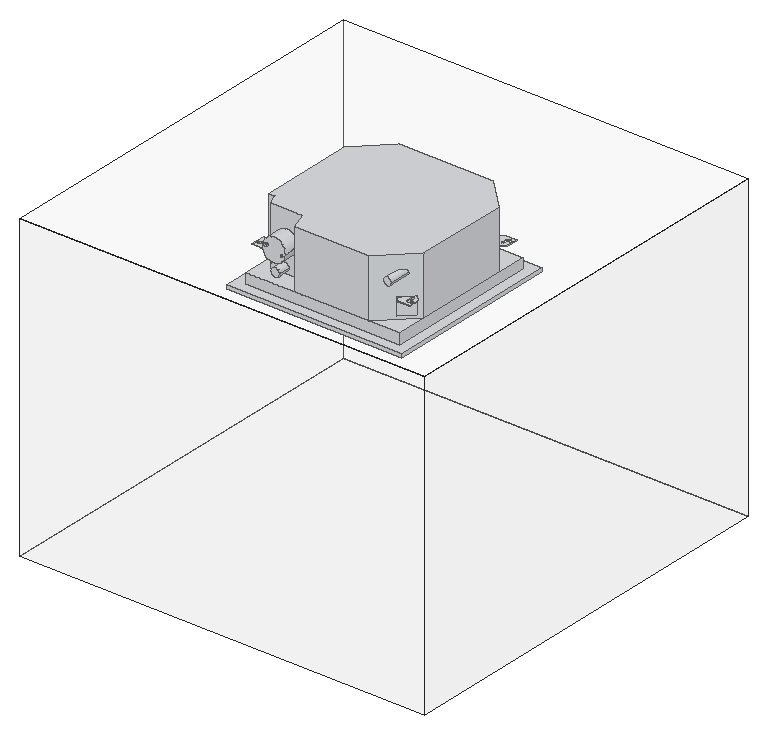
Revit family "pl-rp40_80ga3_50Hz", category 機械設備, Revit 2019
Family settings
  丸型コネクタ寸法 = 直径を使用
  パーツ タイプ = 標準
  OmniClass 番号 = 23.75.10.24.21.27.27
  OmniClass タイトル = Split System Air Conditioning Units
  作業面ベース = いいえ
  常に垂直 = はい
  ロード時にボイドで切り取り = いいえ
  共有 = いいえ
  部屋計算ポイント = はい
Parameters (values of type "天井4方向_PL-RP45GA3")
  風量（静）（m3／min） = 8.5
  風量（強）（m3／min） = 12
  風量（弱）（m3／min） = 9
  風量（中）（m3／min） = 9.5
  風量 = MAX風量  # 720.0 m³/h
  音響パワーレベル（弱）(dB) = 48
  音響パワーレベル（中2）(dB) = 49
  音響パワーレベル（中1）(dB) = 51
  音響パワーレベル(dB) = 53
  電源種別 = ""
  電源_H = 0 mm
  電圧_電気ヒーター = 0 V
  電圧 = 200 V
  電動機出力_送風機 = 0.05 kW
  運転質量 = 0.00 kg
  連動 = ""
  質量 = if(製品質量 > 運転質量, 製品質量, 運転質量) * 1.2  # 24.72 kg
  負荷分類 = 3_ファン類
  構成品番 = "PL-RP45GA"
  ドレン管径 (外径) = 32 mm
  ドレン管径 = 25 mm
  サービススペース = yes
  URL = "https://www.mitsubishielectric.co.jp/ldg/wink/ssl/displayProduct.do?pid=311448"
  説明 = "店舗・事務所用パッケージエアコン(Mr.SLIM) [本体]4方向天井カセット形<コンパクトタイプ>"
  設計暖房能力 = 0.00 kW
  設計冷房能力_顕熱 = 0 kW
  設計冷房能力 = 0 kW
  設置方法 = "カセット形"
  記号 = ""
  製造元 = "三菱電機株式会社"
  製品質量 = 20.60 kg
  製品出荷対象 = "国内"
  製品リリース年月 = "2021/5/10"
  製品グループ = ""
  系統 = ""
  符号 = "PAC-CK4"
  積算_科目 = "1 空気調和設備"
  積算_拾い区分 [instance] = ""
  相 = 1
  盤記号 = ""
  発停方法 = "付属スイッチ"
  特殊仕様 = ""
  火災停止 = ""
  消費電力_電気ヒーター = 0.00 kW
  消費電力_暖房 = 0.03 kW
  消費電力_加湿器 = 0.00 kW
  消費電力_冷房 = 0.03 kW
  消費電力 = if(消費電力_冷房 > 消費電力_暖房, 消費電力_冷房, 消費電力_暖房) + 消費電力_加湿器 + 消費電力_電気ヒーター  # 0.03 kW
  法定耐用年数 = "6"
  極数 = 1
  材質 = ""
  本体マテリアル = none
  有効加湿量 = 0
  暖房能力 = 4.50 kW
  推奨ブレーカー容量 = 0 A
  形式_加湿器 = ""
  形式 = "カセット形（4方向吹出形）"
  幹線記号 = ""
  始動方式 = "直入"
  呼称 = "パッケージ形空気調和機_室内機"
  周波数 = 50 Hz
  吊り位置Y = 507 mm
  吊り位置X = 640 mm
  吊りボルト_H = 134 mm
  台数_手元リモコン = ""
  台数_冷媒分岐ユニット = ""
  参照している仕様書等のバージョン = "公共建築工事標準仕様書（機械設備工事編）平成31年度版"
  加湿給水管径 = 0 mm
  分類コード = "50053003123030"
  分類グループ = ""
  冷房能力 = 4 kW
  冷媒高低圧ガス管径 = 0 mm
  冷媒管径符号 = "Ac"
  冷媒管径 = 100 mm
  冷媒液管高さ = 159 mm
  冷媒液管長さ = 71 mm
  冷媒液管径 = 6.4 mm
  冷媒ガス管高さ = 183 mm
  冷媒ガス管長さ = 76 mm
  冷媒ガス管径 = 12.7 mm
  企業コード = "108420"
  付属品_フィルター = ""
  付属品 = ""
  仕様書バージョン = "Version1.0"
  Model = ""
  パネルマテリアル = none
  ドレン管高さ = 227 mm
  コメント [instance] = ""
  ケーブル種類 = ""
  ケーブルサイズ = 0 mm
  Width = 670 mm
  Version = ""
  Uniclass2015Version = "Systems v1.9"
  Uniclass2015Title = "Split coil remote air cooled condensing units"
  Uniclass2015Code = "Pr_70_65_03_84"
  SpecificationReference = ""
  SpecificationDescription = ""
  Revision = ""
  ProductInformation = ""
  Panel Width = 760 mm
  Panel Height = 15 mm
  Panel Depth = 760 mm
  OmniClassCode = "23-33 17 13 11"
  MIN風量 = 風量（静）（m3／min） * 60.0 m³/h  # 510.0 m³/h
  MID風量2 = 風量（弱）（m3／min） * 60.0 m³/h  # 540.0 m³/h
  MID風量 = 風量（中）（m3／min） * 60.0 m³/h  # 570.0 m³/h
  MAX風量 = 風量（強）（m3／min） * 60.0 m³/h  # 720.0 m³/h
  IfcTypeProduct = ""
  IfcProduct = ""
  IfcExportType = "AIRCONDITIONINGUNIT"
  IfcExportAs = "IfcUnitaryEquipmentType"
  Height = 298 mm
  Depth = 670 mm
  価格 = 256000
  Clearance Top = 305 mm
  Clearance Right = 500 mm
  Clearance Left = 500 mm
  Clearance Front = 500 mm
  Clearance Bottom = 1000 mm
  Clearance Back = 500 mm
  Author = "三菱電機株式会社"
Types (7, lengths in mm): name | 風量（静）（m3／min） | 風量（強）（m3／min） | 風量（弱）（m3／min） | 風量（中）（m3／min） | 風量 | 音響パワーレベル（弱）(dB) | 音響パワーレベル（中2）(dB) | 音響パワーレベル（中1）(dB) | 音響パワーレベル(dB) | 構成品番 | URL | 消費電力_暖房 | 消費電力_冷房 | 消費電力 | 暖房能力 | 冷房能力 | 冷媒管径符号 | 冷媒液管長さ | 冷媒液管径 | 冷媒ガス管長さ | 冷媒ガス管径 | MIN風量 | MID風量2 | MID風量 | MAX風量 | 価格
  天井4方向_PL-RP40GA3 | 8.5 | 12 | 9 | 9.5 | 720.0 m³/h | 48 | 49 | 51 | 53 | "PL-RP40GA" | "https://www.mitsubishielectric.co.jp/ldg/wink/ssl/displayProduct.do?pid=311447" | 0.03 kW | 0.03 kW | 0.03 kW | 4.00 kW | 3.6 kW | "Ac" | 71 | 6.4 | 76 | 12.7 | 510.0 m³/h | 540.0 m³/h | 570.0 m³/h | 720.0 m³/h | 253000
  天井4方向_PL-RP50GA3 | 9.5 | 12.5 | 10 | 12 | 750.0 m³/h | 49 | 50 | 53 | 54 | "PL-RP50GA" | "https://www.mitsubishielectric.co.jp/ldg/wink/ssl/displayProduct.do?pid=311449" | 0.03 kW | 0.03 kW | 0.03 kW | 5.00 kW | 4.5 kW | "Ac" | 71 | 6.4 | 76 | 12.7 | 570.0 m³/h | 600.0 m³/h | 720.0 m³/h | 750.0 m³/h | 265000
  天井4方向_PL-RP45GA3 | 8.5 | 12 | 9 | 9.5 | 720.0 m³/h | 48 | 49 | 51 | 53 | "PL-RP45GA" | "https://www.mitsubishielectric.co.jp/ldg/wink/ssl/displayProduct.do?pid=311448" | 0.03 kW | 0.03 kW | 0.03 kW | 4.50 kW | 4 kW | "Ac" | 71 | 6.4 | 76 | 12.7 | 510.0 m³/h | 540.0 m³/h | 570.0 m³/h | 720.0 m³/h | 256000
  天井4方向_PL-RP56GA3 | 9.5 | 14 | 10 | 12.5 | 840.0 m³/h | 49 | 50 | 54 | 56 | "PL-RP56GA" | "https://www.mitsubishielectric.co.jp/ldg/wink/ssl/displayProduct.do?pid=311450" | 0.03 kW | 0.03 kW | 0.03 kW | 5.60 kW | 5 kW | "Ac" | 71 | 6.4 | 76 | 12.7 | 570.0 m³/h | 600.0 m³/h | 750.0 m³/h | 840.0 m³/h | 285000
  天井4方向_PL-RP63GA3 | 10 | 14.5 | 11.5 | 13 | 870.0 m³/h | 50 | 53 | 55 | 57 | "PL-RP63GA" | "https://www.mitsubishielectric.co.jp/ldg/wink/ssl/displayProduct.do?pid=311451" | 0.04 kW | 0.04 kW | 0.04 kW | 6.30 kW | 5.6 kW | "Ac" | 71 | 6.4 | 76 | 12.7 | 600.0 m³/h | 690.0 m³/h | 780.0 m³/h | 870.0 m³/h | 287000
  天井4方向_PL-RP71GA3 | 11 | 15 | 12 | 13.5 | 900.0 m³/h | 53 | 54 | 56 | 58 | "PL-RP71GA" | "https://www.mitsubishielectric.co.jp/ldg/wink/ssl/displayProduct.do?pid=311452" | 0.04 kW | 0.04 kW | 0.04 kW | 7.00 kW | 6.3 kW | "Bd" | 75 | 9.5 | 80 | 15.9 | 660.0 m³/h | 720.0 m³/h | 810.0 m³/h | 900.0 m³/h | 292000
  天井4方向_PL-RP80GA3 | 11 | 15 | 12 | 13.5 | 900.0 m³/h | 53 | 54 | 56 | 58 | "PL-RP80GA" | "https://www.mitsubishielectric.co.jp/ldg/wink/ssl/displayProduct.do?pid=311453" | 0.04 kW | 0.04 kW | 0.04 kW | 8.00 kW | 7.1 kW | "Bd" | 75 | 9.5 | 80 | 15.9 | 660.0 m³/h | 720.0 m³/h | 810.0 m³/h | 900.0 m³/h | 316000
Reference planes
  plane 1 "中心(正面/背面)": y = 0
  plane 2: z = 0
  plane 3 "中心(左/右)": x = 0
  plane 4: x = -380
  plane 5: x = 380
  plane 6: y = 380
  plane 7: y = -380
  plane 8: z = 298
  plane 9: z = 305
  plane 10: x = -320
  plane 11: x = 320
  plane 12: y = 253.5
  plane 13: y = -253.5
  plane 14: z = 46
  plane 15: y = 335
  plane 16: y = -335
  plane 17: x = -335
  plane 18: x = 335
  plane 19: x = -880
  plane 20: x = 880
  plane 21: y = 880
  plane 22: y = -880
  plane 23: z = 298
  plane 24: z = -15
  plane 25: z = -1015
  plane 26: z = 305
  plane 27 "冷媒管基準面": y = -255
  plane 28: x = -186
  plane 29: z = 159
  plane 30: y = -331
  plane 31: y = -326
Forms (mm)
  Extrusion 1, solid, detail levels fine
    sketch origin (0, -255, 15) x (1, 0, 0) y (0, 0, 1)
      loop
        circle (-186, 144) r 3.175
    from 0 to 71
  Extrusion 2, solid, detail levels fine
    sketch origin (-67, -255, 39) x (1, 0, 0) y (0, 0, 1)
      loop
        circle (-186, 144) r 6.35
    from 0 to 76
Dimensions and locks
  equal spacing: plane 4, plane 3 "中心(左/右)", plane 5
  plane 4 to plane 5 = 760 mm
  equal spacing: plane 7, plane 1 "中心(正面/背面)", plane 6
  plane 7 to plane 6 = 760 mm
  locked: plane 12 to plane 6 at 126.5
  plane 7 to plane 13 = 126.5 mm
  plane 4 to plane 10 = 60 mm
  locked: plane 11 to plane 5 at 60
  "吊り位置X": plane 10 to plane 11
  equal spacing: plane 10, plane 3 "中心(左/右)", plane 11
  equal spacing: plane 13, plane 1 "中心(正面/背面)", plane 12
  "吊り位置Y": plane 13 to plane 12
  equal spacing: plane 16, plane 1 "中心(正面/背面)", plane 15
  "Depth": plane 16 to plane 15
  equal spacing: plane 17, plane 3 "中心(左/右)", plane 18
  "Width": plane 17 to plane 18
  locked: plane 14 to level at 46
  "Clearance Left": plane 19 to plane 4
  "Clearance Right": plane 5 to plane 20
  "Clearance Back": plane 6 to plane 21
  locked: level to plane 24 at 15
  "Clearance Bottom": plane 24 to plane 25
  "Clearance Front": plane 22 to plane 7
  "Clearance Top": plane 26 to plane 2
  "Height": level to nested 3
  plane 29 to plane 2 = 159 mm
  nested 3 to level = 134 mm
  "冷媒液管長さ": plane 31 to plane 27 "冷媒管基準面"
  "冷媒ガス管長さ": plane 30 to plane 27 "冷媒管基準面"
  aligned and locked: level to plane 2
  aligned and locked: plane 10 to nested 2
  aligned and locked: plane 11 to nested 2
  aligned and locked: nested 2 to plane 12
  aligned and locked: plane 13 to nested 2
  aligned and locked: plane 19 to nested 1
  aligned and locked: plane 20 to nested 1
  aligned and locked: plane 22 to nested 1
  aligned and locked: plane 21 to nested 1
  aligned and locked: plane 25 to nested 1
  aligned and locked: plane 5 to nested 3
  aligned and locked: plane 15 to nested 3
  aligned and locked: plane 6 to nested 3
  aligned and locked: plane 7 to nested 3
  aligned and locked: plane 26 to nested 1
  aligned and locked: plane 31 to Extrusion 1
  aligned and locked: plane 30 to Extrusion 2
Automatic sketch dimensions
  Extrusion 1 sketch curve to plane 28 = 0 mm
  Extrusion 1 sketch curve to plane 29 = 0 mm
  plane 29 to Extrusion 2 sketch curve = 24 mm
  plane 10 to Extrusion 2 sketch curve = 67 mm
  radius of Extrusion 1 sketch curve = 3.175 mm
  radius of Extrusion 2 sketch curve = 6.35 mm
Nested families
  nested 1: "サービススペース" at (0, 0, -355), visible <- "サービススペース", type "サービススペース"
    with Width 1760 mm, Height 1320 mm, Depth 1760 mm
  nested 2: "固定点" at (-320, -253.5, 0), type "固定点"
    with W 640 mm, D 507 mm
  nested 3: "PL-RP○○GA3" at (0, 0, 0), type "PL-RP○○GA3"
    with ユニット表示 yes
Connectors
  piping at (-219.5, -326, 171), diameter 100, driven by "冷媒管径", driven by "冷媒管径符号"
    settings: on nested 3, index 1, connector inside diameter 609.6 mm, connector length 0 mm, flow factor 0, pipe flow 0.0 L/s, pressure drop 0.0 Pa, fitting loss kfactor 0, connector angle 0.00°, fixture units 0, engagement length 0 mm, angle of deflection 0.00°, flow configuration 1, flow direction 1, fitting loss method 4, system type 7, joint type 0, gender type 0, connector reference index -1, connector utility 0, adjustable connector no, is connector primary yes, connector description "Ac"
  piping at (281, -332, 227), diameter 25, driven by "ドレン管径"
    settings: on nested 3, index 2, connector inside diameter 609.6 mm, connector length 0 mm, flow factor 0, pipe flow 0.0 L/s, pressure drop 0.0 Pa, fitting loss kfactor 0, connector angle 0.00°, fixture units 0, engagement length 0 mm, angle of deflection 0.00°, flow configuration 1, flow direction 2, fitting loss method 4, system type 16, joint type 0, gender type 0, connector reference index -1, connector utility 0, adjustable connector no, is connector primary no, connector description ""
  electrical at (-230, -305, 70), driven by "極数", driven by "負荷分類", driven by "電圧", driven by "消費電力"
    settings: on nested 3, index 3, voltage 200 V, apparent load 30 VA, apparent load phase1 0 VA, apparent load phase2 0 VA, apparent load phase3 0 VA, power factor 1, load classification "3_ファン類", number of poles 1, system type 30, power factor state 1, is connector primary yes, connector utility no, sub classification motor no, connector description ""
Definition of nested family "サービススペース"
  Parameters (values of type "サービススペース")
    Width [instance] = 500 mm
    Height [instance] = 500 mm
    Depth [instance] = 500 mm
  Reference planes
    plane 1 "中心(正面/背面)": y = 0
    plane 2: z = 0
    plane 3 "中心(左/右)": x = 0
    plane 4: y = -250
    plane 5: x = 250
    plane 6: y = 250
    plane 7: x = -250
    plane 8: z = 250
    plane 9: z = -250
  Forms (mm)
    Extrusion 1, solid
      sketch origin (-638.939, 0, 72.39) x (1, 0, 0) y (0, 1, 0)
        loop
          line (388.939, 250) -> (388.939, -250) -> (888.939, -250) -> (888.939, 250) -> (388.939, 250)
      from -322.39 to 177.61
  Lines and regions (mm)
    symbolic lines
      curve 1: line (-250, 0, 250) -> (250, 0, 250)
      curve 2: line (-250, 0, -250) -> (-250, 0, 250)
      curve 3: line (250, 0, -250) -> (-250, 0, -250)
      curve 4: line (250, 0, 250) -> (250, 0, -250)
      curve 5: line (0, -250, 250) -> (0, 250, 250)
      curve 6: line (0, -250, -250) -> (0, -250, 250)
      curve 7: line (0, 250, -250) -> (0, -250, -250)
      curve 8: line (0, 250, 250) -> (0, 250, -250)
      curve 9: line (-250, 250, 0) -> (250, 250, 0)
      curve 10: line (-250, -250, 0) -> (-250, 250, 0)
      curve 11: line (250, -250, 0) -> (-250, -250, 0)
      curve 12: line (250, 250, 0) -> (250, -250, 0)
  Dimensions and locks
    equal spacing: plane 7, plane 3 "中心(左/右)", plane 5
    equal spacing: plane 4, plane 1 "中心(正面/背面)", plane 6
    "Depth": plane 4 to plane 6
    "Width": plane 7 to plane 5
    equal spacing: plane 8, plane 2, plane 9
    "Height": plane 8 to plane 9
    aligned and locked: plane 9 to curve 3
    aligned and locked: plane 7 to curve 2
    aligned and locked: curve 4 to plane 5
    aligned and locked: plane 5 to Extrusion 1
    aligned and locked: Extrusion 1 to plane 7
    aligned and locked: Extrusion 1 to plane 9
    aligned and locked: plane 8 to Extrusion 1
    aligned and locked: plane 9 to curve 7
  Automatic sketch dimensions
    plane 4 to Extrusion 1 sketch curve = 0 mm
    Extrusion 1 sketch curve to plane 7 = 0 mm
    Extrusion 1 sketch curve to plane 5 = 0 mm
    plane 6 to Extrusion 1 sketch curve = 0 mm
    curve 2 to plane 8 = 0 mm
    plane 4 to curve 11 = 0 mm
    curve 11 to plane 7 = 0 mm
    curve 11 to plane 5 = 0 mm
    plane 6 to curve 10 = 0 mm
    curve 7 to plane 4 = 0 mm
    curve 7 to plane 6 = 0 mm
    curve 6 to plane 8 = 0 mm
Definition of nested family "PL-RP○○GA3"
  Parameters (values of type "PL-RP○○GA3")
    配線取出口サイズ = 36 mm
    配線取出口-Z = 70 mm
    配線取出口-Y = 50 mm
    配線取出口-X = 230 mm
    液配管サイズ = 6.4 mm
    A = 幅さ + 90 mm  # 760 mm
    高さ = 298 mm
    奥行き = 670 mm
    吊りボルト_H = 134 mm
    冷媒配管 = 100 mm
    冷媒液管径-Z = 159 mm
    冷媒液管径-Y = 71 mm
    冷媒液管径-X = 186 mm
    冷媒ガス管径-Z = 183 mm
    冷媒ガス管径-Y = 76 mm
    冷媒ガス管径-X = 253 mm
    ユニット表示 [instance] = yes
    ボルトピッチ = 507 mm
    ドレン配管サイズ = 32 mm
    ドレン管径-Z = 227 mm
    ドレン管径-Y = 77 mm
    ドレン管径-X = 281 mm
    ガス配管サイズ = 12.7 mm
    D = 幅さ - 30 mm  # 640 mm
    幅さ = 670 mm
    B = 幅さ + 40 mm  # 710 mm
  Reference planes
    plane 1 "中心(正面/背面)": y = 0
    plane 2: z = 0
    plane 3 "中心(左/右)": x = 0
    plane 4: x = -355
    plane 5: x = 355
    plane 6: x = -335
    plane 7: x = 335
    plane 8: x = -320
    plane 9: x = 320
    plane 10: y = 253.5
    plane 11: y = -253.5
    plane 12: y = 335
    plane 13: y = -335
    plane 14: x = -380
    plane 15: x = 380
    plane 16: z = -15
    plane 17: z = 46
    plane 18: z = 298
    plane 19: z = 134
    plane 20: z = 136
    plane 21: z = 227
    plane 22: z = 159
    plane 23: z = 183
    plane 24: z = 60
    plane 25: y = 380
    plane 26: y = -380
    plane 27: x = -253
    plane 28: x = -150
    plane 29: x = -123
    plane 30: x = -186
    plane 31: x = 281
    plane 32: x = 202
    plane 33: y = -255
    plane 34: y = -207
    plane 35: y = -331
    plane 36: y = -326
    plane 37 "ドレン管接続口": y = -332
    plane 38: y = -202
    plane 39: y = 291.5
    plane 40: y = 275.5
    plane 41: y = 263.5
    plane 42: x = -326
    plane 43: x = -314
    plane 44: x = -343
    plane 45: x = 314
    plane 46: x = 326
    plane 47: x = 343
    plane 48: y = -291.5
    plane 49: y = -275.5
    plane 50: y = -263.5
    plane 51: x = -230
    plane 52: y = 202
    plane 53: x = -202
    plane 54: z = 70
    plane 55: y = -305
  Forms (mm)
    Extrusion 1, solid, visible <- "ユニット表示"
      sketch origin (0, 0, 0) x (1, 0, 0) y (0, 1, 0)
        loop
          line (-380, 380) -> (-380, -380) -> (380, -380) -> (380, 380) -> (-380, 380)
      from -15 to 0
    Extrusion 2, solid, visible <- "ユニット表示", detail levels fine
      sketch origin (0, 0, 0) x (1, 0, 0) y (0, 1, 0)
        loop
          line (-203.39, 335) -> (-335, 203.39) -> (-335, -207) -> (-309.258, -207) -> (-288.883, -255) -> (-150, -255) -> (-123.033, -335) -> (202, -335) -> (335, -202) -> (335, 203.39) -> (203.39, 335) -> (-203.39, 335)
      from 46 to 298
    Extrusion 3, solid, visible <- "ユニット表示", detail levels fine
      sketch origin (0, 0, 0) x (1, 0, 0) y (0, 1, 0)
        loop
          line (335, 335) -> (-335, 335) -> (-335, -335) -> (335, -335) -> (335, 335)
      from 0 to 46
    Extrusion 4, solid, visible <- "ユニット表示", detail levels fine
      sketch origin (0, 0, 0) x (1, 0, 0) y (0, 0, 1)
        loop
          circle (-219.5, 171) r 50
      from 255 to 326
    Extrusion 5, solid, visible <- "ユニット表示", detail levels fine
      sketch origin (0, 0, 0) x (1, 0, 0) y (0, 1, 0)
        loop
          line (-343, -291.5) -> (-300.314, -291.5) -> (-290.686, -250.751) -> (-306.998, -212.324) -> (-343, -227.606) -> (-343, -263.5) -> (-329, -263.5)
          arc (-329, -263.5) -> (-326.879, -262.621) -> (-326, -260.5) r 3
          line (-326, -260.5) -> (-326, -249.5)
          arc (-326, -249.5) -> (-320, -243.5) -> (-314, -249.5) r 6
          line (-314, -249.5) -> (-314, -269.478)
          arc (-314, -269.478) -> (-315.757, -273.721) -> (-320, -275.5) r 6
          line (-320, -275.5) -> (-343, -275.5) -> (-343, -291.5)
        loop
          line (-343, 275.5) -> (-320, 275.5)
          arc (-320, 275.5) -> (-315.757, 273.743) -> (-314, 269.5) r 6
          line (-314, 269.5) -> (-314, 249.5)
          arc (-314, 249.5) -> (-320, 243.5) -> (-326, 249.5) r 6
          line (-326, 249.5) -> (-326, 260.5)
          arc (-326, 260.5) -> (-326.879, 262.621) -> (-329, 263.5) r 3
          line (-329, 263.5) -> (-343, 263.5) -> (-343, 244.959) -> (-318.215, 220.175) -> (-270.214, 268.176) -> (-293.539, 291.5) -> (-343, 291.5) -> (-343, 275.5)
        loop
          line (343, 291.5) -> (293.539, 291.5) -> (270.214, 268.176) -> (318.215, 220.175) -> (343, 244.959) -> (343, 263.5) -> (329, 263.5)
          arc (329, 263.5) -> (326.879, 262.621) -> (326, 260.5) r 3
          line (326, 260.5) -> (326, 249.5)
          arc (326, 249.5) -> (320, 243.5) -> (314, 249.5) r 6
          line (314, 249.5) -> (314, 269.5)
          arc (314, 269.5) -> (315.757, 273.743) -> (320, 275.5) r 6
          line (320, 275.5) -> (343, 275.5) -> (343, 291.5)
        loop
          line (293.539, -291.5) -> (343, -291.5) -> (343, -275.5) -> (320, -275.5)
          arc (320, -275.5) -> (315.757, -273.743) -> (314, -269.5) r 6
          line (314, -269.5) -> (314, -249.5)
          arc (314, -249.5) -> (320, -243.5) -> (326, -249.5) r 6
          line (326, -249.5) -> (326, -260.5)
          arc (326, -260.5) -> (326.879, -262.621) -> (329, -263.5) r 3
          line (329, -263.5) -> (343, -263.5) -> (343, -244.959) -> (317.52, -219.48) -> (269.519, -267.481) -> (293.539, -291.5)
      from 134 to 136
    Extrusion 6, solid, visible <- "ユニット表示", detail levels fine
      sketch origin (0, 0, 0) x (1, 0, 0) y (0, 1, 0)
        loop
          line (-306.998, -212.324) -> (-308.839, -213.105) -> (-291.463, -254.04) -> (-289.622, -253.258) -> (-306.998, -212.324)
        loop
          line (-271.629, 269.59) -> (-319.63, 221.589) -> (-318.245, 220.204) -> (-270.244, 268.205) -> (-271.629, 269.59)
        loop
          line (271.629, 269.59) -> (270.244, 268.205) -> (318.245, 220.204) -> (319.63, 221.589) -> (271.629, 269.59)
        loop
          line (270.934, -268.895) -> (318.935, -220.894) -> (317.52, -219.48) -> (269.519, -267.481) -> (270.934, -268.895)
      from 60 to 136
    Extrusion 7, solid, visible <- "ユニット表示", detail levels fine
      sketch origin (0, 0, 0) x (1, 0, 0) y (0, 0, 1)
        loop
          circle (-230, 70) r 18
      from 255 to 305
    Extrusion 8, solid, detail levels fine
      sketch origin (0, -332, 0) x (-1, 0, 0) y (0, 0, 1)
        loop
          circle (-281, 227) r 16
      from 0 to 100
  Cuts and joins
    joined: Extrusion 5, Extrusion 6
  Dimensions and locks
    equal spacing: plane 4, plane 3 "中心(左/右)", plane 5
    "B": plane 4 to plane 5
    equal spacing: plane 6, plane 3 "中心(左/右)", plane 7
    "幅さ": plane 6 to plane 7
    equal spacing: plane 8, plane 3 "中心(左/右)", plane 9
    "D": plane 8 to plane 9
    equal spacing: plane 11, plane 1 "中心(正面/背面)", plane 10
    "ボルトピッチ": plane 10 to plane 11
    equal spacing: plane 12, plane 1 "中心(正面/背面)", plane 13
    "奥行き": plane 12 to plane 13
    "A": plane 14 to plane 15
    equal spacing: plane 14, plane 3 "中心(左/右)", plane 15
    locked: plane 2 to plane 16 at 15
    locked: plane 17 to plane 2 at 46
    "吊りボルト_H": plane 19 to level
    locked: plane 20 to plane 19 at 2
    "ドレン管径-Z": plane 21 to level
    "冷媒液管径-Z": plane 22 to level
    "冷媒ガス管径-Z": plane 23 to level
    plane 24 to level = 60 mm
    equal spacing: plane 25, plane 1 "中心(正面/背面)", plane 26
    "A": plane 25 to plane 26
    locked: plane 6 to plane 28 at 185
    locked: plane 6 to plane 29 at 212
    locked: plane 32 to plane 7 at 133
    "冷媒ガス管径-X": plane 27 to plane 3 "中心(左/右)"
    "冷媒液管径-X": plane 30 to plane 3 "中心(左/右)"
    "ドレン管径-X": plane 3 "中心(左/右)" to plane 31
    locked: plane 33 to plane 13 at 80
    locked: plane 34 to plane 13 at 128
    "冷媒ガス管径-Y": plane 33 to plane 35
    "冷媒液管径-Y": plane 33 to plane 36
    "ドレン管径-Y": plane 33 to plane 37 "ドレン管接続口"
    locked: plane 38 to plane 13 at 133
    equal spacing: plane 30, Extrusion 4 sketch curve, plane 27
    equal spacing: plane 23, Extrusion 4 sketch curve, plane 22
    locked: plane 44 to plane 8 at 23
    plane 42 to plane 8 to plane 43 = 6 mm locked, 6 mm locked
    locked: plane 9 to plane 47 at 23
    plane 45 to plane 9 to plane 46 = 6 mm locked, 6 mm locked
    plane 11 to plane 50 to plane 49 to plane 48 = 10 mm locked, 12 mm locked, 16 mm locked
    plane 39 to plane 40 to plane 41 to plane 10 = 16 mm locked, 12 mm locked, 10 mm locked
    locked: Extrusion 5 sketch curve to plane 11 at 4  (x2)
    locked: plane 10 to Extrusion 5 sketch curve at 4  (x2)
    "配線取出口-X": plane 51 to plane 3 "中心(左/右)"
    "配線取出口-Z": plane 54 to level
    "配線取出口-Y": plane 33 to plane 55
    locked: cut or joined group of Extrusion 5, Extrusion 6 to Extrusion 6 sketch curve at 2
    locked: Extrusion 6 sketch curve to Extrusion 2 at 2  (x3)
    "高さ": plane 18 to level
    "冷媒配管": diameter of Extrusion 4 sketch curve
    radius of Extrusion 5 sketch curve = 6 mm  (x8)
    radius of Extrusion 5 sketch curve = 3 mm  (x4)
    "配線取出口サイズ": diameter of Extrusion 7 sketch curve
    aligned and locked: level to plane 2
    aligned and locked: Extrusion 1 sketch curve to plane 25
    aligned and locked: plane 14 to Extrusion 1 sketch curve
    aligned and locked: plane 26 to Extrusion 1 sketch curve
    aligned and locked: Extrusion 1 sketch curve to plane 15
    aligned and locked: level to Extrusion 1
    aligned and locked: Extrusion 1 to plane 16
    aligned and locked: plane 18 to Extrusion 2
    aligned and locked: Extrusion 2 to plane 17
    aligned and locked: Extrusion 3 sketch curve to plane 7
    aligned and locked: Extrusion 3 sketch curve to plane 13
    aligned and locked: Extrusion 3 sketch curve to plane 6
    aligned and locked: Extrusion 3 sketch curve to plane 12
    aligned and locked: Extrusion 3 to level
    aligned and locked: plane 17 to Extrusion 3
    aligned and locked: plane 28 to Extrusion 2 sketch curve
    aligned and locked: plane 34 to Extrusion 2 sketch curve
    aligned and locked: Extrusion 2 sketch curve to plane 13
    aligned and locked: Extrusion 2 sketch curve to plane 7
    aligned and locked: Extrusion 2 sketch curve to plane 12
    aligned and locked: Extrusion 2 sketch curve to plane 6
    aligned and locked: plane 7 to Extrusion 2 sketch curve
    aligned and locked: plane 38 to Extrusion 2 sketch curve
    aligned and locked: plane 32 to Extrusion 2 sketch curve
    aligned and locked: plane 13 to Extrusion 2 sketch curve
    aligned and locked: plane 44 to Extrusion 5 sketch curve  (x2)
    aligned and locked: Extrusion 5 sketch curve to plane 50
    aligned and locked: plane 49 to Extrusion 5 sketch curve
    aligned and locked: Extrusion 5 sketch curve to plane 48
    aligned and locked: plane 43 to Extrusion 5 sketch curve
    aligned and locked: plane 42 to Extrusion 5 sketch curve  (x2)
    aligned and locked: Extrusion 6 to plane 24
    aligned and locked: plane 20 to Extrusion 6
    aligned and locked: plane 39 to Extrusion 5 sketch curve  (x2)
    aligned and locked: Extrusion 5 sketch curve to plane 44  (x2)
    aligned and locked: plane 41 to Extrusion 5 sketch curve  (x2)
    aligned and locked: Extrusion 5 sketch curve to plane 40  (x2)
    aligned and locked: Extrusion 5 sketch curve to plane 43
    aligned and locked: Extrusion 5 sketch curve to Extrusion 2  (x3)
    aligned and locked: plane 47 to Extrusion 5 sketch curve  (x4)
    aligned and locked: plane 45 to Extrusion 5 sketch curve  (x2)
    aligned and locked: Extrusion 5 sketch curve to plane 46  (x2)
    aligned and locked: plane 50 to Extrusion 5 sketch curve
    aligned and locked: plane 48 to Extrusion 5 sketch curve
    aligned and locked: Extrusion 5 sketch curve to plane 49
    aligned and locked: plane 51 to Extrusion 7 sketch curve
    aligned and locked: plane 54 to Extrusion 7 sketch curve
    aligned and locked: Extrusion 7 to Extrusion 2
    aligned and locked: plane 55 to Extrusion 7
    aligned and locked: cut or joined group of Extrusion 5, Extrusion 6 to cut or joined group of Extrusion 5, Extrusion 6  (x2)
    aligned and locked: Extrusion 6 sketch curve to cut or joined group of Extrusion 5, Extrusion 6  (x3)
    aligned and locked: cut or joined group of Extrusion 5, Extrusion 6 to Extrusion 6 sketch curve  (x2)
    aligned and locked: Extrusion 2 to Extrusion 6 sketch curve
    aligned and locked: cut or joined group of Extrusion 5, Extrusion 6 to plane 19
    aligned and locked: plane 20 to cut or joined group of Extrusion 5, Extrusion 6
    aligned and locked: Extrusion 4 to plane 36
  Automatic sketch dimensions
    Extrusion 2 sketch curve to plane 33 = 0 mm
    plane 43 to Extrusion 2 sketch curve = 4.742 mm
    plane 43 to Extrusion 2 sketch curve = 25.117 mm
    Extrusion 2 sketch curve to plane 30 = 17.39 mm
    Extrusion 2 sketch curve to plane 29 = 0.033 mm
    plane 32 to Extrusion 2 sketch curve = 1.39 mm
    Extrusion 2 sketch curve to plane 10 = 50.11 mm  (x2)
    Extrusion 5 sketch curve to plane 8 = 0 mm
    Extrusion 5 sketch curve to plane 8 = 13.002 mm
    Extrusion 5 sketch curve to plane 43 = 13.686 mm
    plane 50 to Extrusion 5 sketch curve = 12.749 mm
    Extrusion 5 sketch curve to Extrusion 5 sketch curve = 9.627 mm
    Extrusion 5 sketch curve to plane 50 = 5.978 mm
    plane 34 to Extrusion 5 sketch curve = 20.606 mm
    plane 8 to Extrusion 6 sketch curve = 1.755 mm
    Extrusion 6 sketch curve to plane 11 = 0.54 mm
    Extrusion 6 sketch curve to Extrusion 6 sketch curve = 1.385 mm
    Extrusion 6 sketch curve to plane 49 = 6.605 mm
    Extrusion 6 sketch curve to plane 9 = 2.48 mm
    Extrusion 6 sketch curve to Extrusion 6 sketch curve = 1.414 mm
    Extrusion 5 sketch curve to plane 8 = 1.785 mm
    Extrusion 5 sketch curve to plane 41 = 4.676 mm  (x2)
    plane 9 to Extrusion 5 sketch curve = 1.785 mm
    Extrusion 5 sketch curve to plane 50 = 3.981 mm
    plane 9 to Extrusion 5 sketch curve = 2.48 mm
    Extrusion 8 sketch curve to plane 21 = 0 mm
    Extrusion 8 sketch curve to plane 31 = 0 mm
    radius of Extrusion 8 sketch curve = 16 mm
Definition of nested family "固定点"
  Parameters (values of type "固定点")
    中心円 = 20 mm
    W [instance] = 1000 mm
    D [instance] = 1000 mm
  Reference planes
    plane 1 "中心(正面/背面)": y = 0
    plane 2: z = 0
    plane 3 "中心(左/右)": x = 0
    plane 4: x = 1000
    plane 5: y = 1000
  Lines and regions (mm)
    symbolic lines, detail levels fine
      curve 1: circle (0, 1000, 0) r 10 normal (0, 0, 1)
      curve 2: circle (0, 0, 0) r 10 normal (0, 0, 1)
      curve 3: circle (1000, 1000, 0) r 10 normal (0, 0, 1)
      curve 4: circle (1000, 0, 0) r 10 normal (0, 0, 1)
      curve 5: line (-200, 1000, 0) -> (1200, 1000, 0)
      curve 6: line (-200, 0, 0) -> (1200, 0, 0)
      curve 7: line (0, 1200, 0) -> (0, -200, 0)
      curve 8: line (1000, 1200, 0) -> (1000, -200, 0)
  Dimensions and locks
    "W": plane 3 "中心(左/右)" to plane 4
    "D": plane 1 "中心(正面/背面)" to plane 5
    "中心円": diameter of curve 1
    "中心円": diameter of curve 2
    "中心円": diameter of curve 3
    "中心円": diameter of curve 4
    aligned and locked: level to plane 2
    aligned and locked: plane 5 to curve 1
    aligned and locked: plane 3 "中心(左/右)" to curve 1
    aligned and locked: plane 3 "中心(左/右)" to curve 2
    aligned and locked: plane 1 "中心(正面/背面)" to curve 2
    aligned and locked: plane 4 to curve 3
    aligned and locked: plane 5 to curve 3
    aligned and locked: plane 1 "中心(正面/背面)" to curve 4
    aligned and locked: plane 4 to curve 4
    aligned and locked: plane 1 "中心(正面/背面)" to curve 6
    aligned and locked: curve 7 to plane 3 "中心(左/右)"
    aligned and locked: curve 8 to plane 4
  Automatic sketch dimensions
    curve 5 to plane 5 = 0 mm
    curve 6 to plane 3 "中心(左/右)" = 200 mm
    curve 5 to plane 3 "中心(左/右)" = 200 mm
    curve 4 to curve 6 = 200 mm
    curve 3 to curve 5 = 200 mm
    plane 1 "中心(正面/背面)" to curve 8 = 200 mm
    plane 1 "中心(正面/背面)" to curve 7 = 200 mm
    curve 3 to curve 8 = 200 mm
    curve 1 to curve 7 = 200 mm
